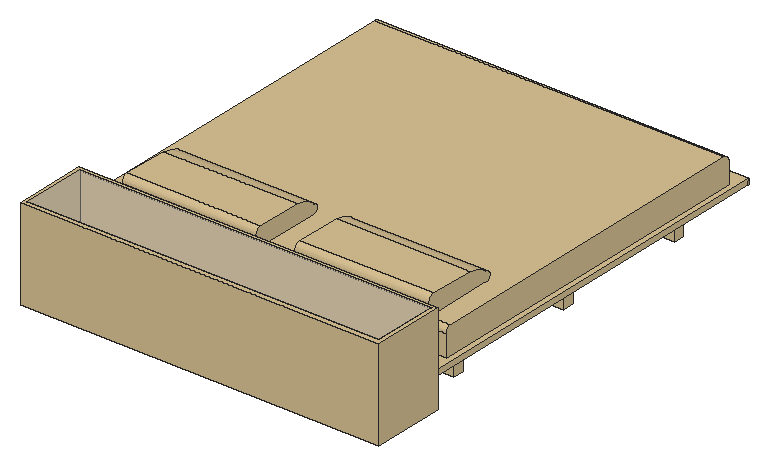
Revit family "letto_ivandesign_matrimoniale", category Arredi, Revit 2019
Family settings
  Basato su piano di lavoro = No
  Sempre verticale = Sì
  Taglio con vuoti quando caricato = No
  Condiviso = No
  Punto di calcolo locali = No
Parameters (values of type "200 x 210 cm")
  Larghezza = 2000 mm
  Manufacturer = ""
  Materiale Materasso [instance] = none
  Materiale Letto = none
  Materiale gamba = none
Reference planes
  plane 1: z = 0
  plane 2 "Centro (Sinistra/Destra)": x = 0
Forms (mm)
  Extrusion 1, solid, material <- "Materiale Materasso"
    sketch origin (0, 0, -140) x (0, 1, 0) y (0, 0, 1)
      loop
        line (126.906, 340) -> (2046.705, 340) -> (2046.705, 460)
        arc (2046.705, 460) -> (2037.918, 481.213) -> (2016.705, 490) r 30
        line (2016.705, 490) -> (156.906, 490)
        arc (156.906, 490) -> (135.693, 481.213) -> (126.906, 460) r 30
        line (126.906, 460) -> (126.906, 340)
    from -950 to 950
  Extrusion 2, solid, material <- "Materiale Materasso", detail levels medium+fine
    sketch origin (0, 0, -140) x (0, 1, 0) y (0, 0, 1)
      loop
        arc (176.972, 595.405) -> (152.207, 581.89) -> (145.481, 554.49) r 34.967
        line (145.481, 554.49) -> (155.975, 494.975) -> (527.829, 494.975)
        arc (527.829, 494.975) -> (555.887, 509.364) -> (548.56, 540.034) r 25.527
        arc (548.56, 540.034) -> (491.979, 573.485) -> (428.47, 590.421) r 241.236
        arc (428.47, 590.421) -> (302.851, 599.467) -> (176.972, 595.405) r 1209.94
    from 110.553 to 839.838
  Extrusion 3, solid, material <- "Materiale Materasso", detail levels medium+fine
    sketch origin (-940, 0, -140) x (0, 1, 0) y (0, 0, 1)
      loop
        arc (176.972, 595.405) -> (152.207, 581.89) -> (145.481, 554.49) r 34.967
        line (145.481, 554.49) -> (155.975, 494.975) -> (527.829, 494.975)
        arc (527.829, 494.975) -> (555.887, 509.364) -> (548.56, 540.034) r 25.527
        arc (548.56, 540.034) -> (491.979, 573.485) -> (428.47, 590.421) r 241.236
        arc (428.47, 590.421) -> (302.851, 599.467) -> (176.972, 595.405) r 1209.94
    from 110.553 to 839.838
  Extrusion 4, solid, material "Default - Arredi"
    sketch origin (21, 0, 0) x (1, 0, 0) y (0, 1, 0)
      loop
        arc (-995, 2146.906) -> (-998.536, 2145.441) -> (-1000, 2141.906) r 5
        line (-1000, 2141.906) -> (-1000, 35.613)
        arc (-1000, 35.613) -> (-998.536, 32.078) -> (-995, 30.613) r 5
        line (-995, 30.613) -> (-755, 30.613)
        arc (-755, 30.613) -> (-751.464, 32.078) -> (-750, 35.613) r 5
        line (-750, 35.613) -> (-750, 2141.906)
        arc (-750, 2141.906) -> (-751.464, 2145.441) -> (-755, 2146.906) r 5
        line (-755, 2146.906) -> (-995, 2146.906)
    from 170 to 200
  Extrusion 5, solid, material "Default - Arredi"
    sketch origin (306, 0, 0) x (1, 0, 0) y (0, 1, 0)
      loop
        arc (-995, 2146.906) -> (-998.536, 2145.441) -> (-1000, 2141.906) r 5
        line (-1000, 2141.906) -> (-1000, 35.613)
        arc (-1000, 35.613) -> (-998.536, 32.078) -> (-995, 30.613) r 5
        line (-995, 30.613) -> (-755, 30.613)
        arc (-755, 30.613) -> (-751.464, 32.078) -> (-750, 35.613) r 5
        line (-750, 35.613) -> (-750, 2141.906)
        arc (-750, 2141.906) -> (-751.464, 2145.441) -> (-755, 2146.906) r 5
        line (-755, 2146.906) -> (-995, 2146.906)
    from 170 to 200
  Extrusion 6, solid, material "Default - Arredi"
    sketch origin (590.992, 0, 0) x (1, 0, 0) y (0, 1, 0)
      loop
        arc (-995, 2146.906) -> (-998.536, 2145.441) -> (-1000, 2141.906) r 5
        line (-1000, 2141.906) -> (-1000, 35.613)
        arc (-1000, 35.613) -> (-998.536, 32.078) -> (-995, 30.613) r 5
        line (-995, 30.613) -> (-755, 30.613)
        arc (-755, 30.613) -> (-751.464, 32.078) -> (-750, 35.613) r 5
        line (-750, 35.613) -> (-750, 2141.906)
        arc (-750, 2141.906) -> (-751.464, 2145.441) -> (-755, 2146.906) r 5
        line (-755, 2146.906) -> (-995, 2146.906)
    from 170 to 200
  Extrusion 7, solid, material "Default - Arredi"
    sketch origin (875.992, 0, 0) x (1, 0, 0) y (0, 1, 0)
      loop
        arc (-995, 2146.906) -> (-998.536, 2145.441) -> (-1000, 2141.906) r 5
        line (-1000, 2141.906) -> (-1000, 35.613)
        arc (-1000, 35.613) -> (-998.536, 32.078) -> (-995, 30.613) r 5
        line (-995, 30.613) -> (-755, 30.613)
        arc (-755, 30.613) -> (-751.464, 32.078) -> (-750, 35.613) r 5
        line (-750, 35.613) -> (-750, 2141.906)
        arc (-750, 2141.906) -> (-751.464, 2145.441) -> (-755, 2146.906) r 5
        line (-755, 2146.906) -> (-995, 2146.906)
    from 170 to 200
  Extrusion 8, solid, material "Default - Arredi"
    sketch origin (1160.992, 0, 0) x (1, 0, 0) y (0, 1, 0)
      loop
        arc (-995, 2146.906) -> (-998.536, 2145.441) -> (-1000, 2141.906) r 5
        line (-1000, 2141.906) -> (-1000, 35.613)
        arc (-1000, 35.613) -> (-998.536, 32.078) -> (-995, 30.613) r 5
        line (-995, 30.613) -> (-755, 30.613)
        arc (-755, 30.613) -> (-751.464, 32.078) -> (-750, 35.613) r 5
        line (-750, 35.613) -> (-750, 2141.906)
        arc (-750, 2141.906) -> (-751.464, 2145.441) -> (-755, 2146.906) r 5
        line (-755, 2146.906) -> (-995, 2146.906)
    from 170 to 200
  Extrusion 9, solid, material "Default - Arredi"
    sketch origin (1445.983, 0, 0) x (1, 0, 0) y (0, 1, 0)
      loop
        arc (-995, 2146.906) -> (-998.536, 2145.441) -> (-1000, 2141.906) r 5
        line (-1000, 2141.906) -> (-1000, 35.613)
        arc (-1000, 35.613) -> (-998.536, 32.078) -> (-995, 30.613) r 5
        line (-995, 30.613) -> (-755, 30.613)
        arc (-755, 30.613) -> (-751.464, 32.078) -> (-750, 35.613) r 5
        line (-750, 35.613) -> (-750, 2141.906)
        arc (-750, 2141.906) -> (-751.464, 2145.441) -> (-755, 2146.906) r 5
        line (-755, 2146.906) -> (-995, 2146.906)
    from 170 to 200
  Extrusion 10, solid, material "Default - Arredi"
    sketch origin (1730.983, -0.183, 0) x (1, 0, 0) y (0, 1, 0)
      loop
        arc (-995, 2146.906) -> (-998.536, 2145.441) -> (-1000, 2141.906) r 5
        line (-1000, 2141.906) -> (-1000, 35.613)
        arc (-1000, 35.613) -> (-998.536, 32.078) -> (-995, 30.613) r 5
        line (-995, 30.613) -> (-755, 30.613)
        arc (-755, 30.613) -> (-751.464, 32.078) -> (-750, 35.613) r 5
        line (-750, 35.613) -> (-750, 2141.906)
        arc (-750, 2141.906) -> (-751.464, 2145.441) -> (-755, 2146.906) r 5
        line (-755, 2146.906) -> (-995, 2146.906)
    from 170 to 200
  Extrusion 11, solid
    sketch origin (0, 0, 0) x (1, 0, 0) y (0, 1, 0)
      loop
        line (-854, 1856.705) -> (-854, 1796.705) -> (855.983, 1796.705) -> (855.983, 1856.705) -> (-854, 1856.705)
      loop
        line (-854, 1106.705) -> (-854, 1046.705) -> (855.983, 1046.705) -> (855.983, 1106.705) -> (-854, 1106.705)
      loop
        line (-854, 356.705) -> (-854, 296.705) -> (855.983, 296.705) -> (855.983, 356.705) -> (-854, 356.705)
    from 0 to 170
  Extrusion 12, solid, material "Default - Arredi"
    sketch origin (0, 0, 0) x (1, 0, 0) y (0, 1, 0)
      loop
        line (-974, 30.613) -> (-974, -369.387) -> (981, -369.387) -> (981, 30.613) -> (-974, 30.613)
      loop
        line (-954, 10.613) -> (-954, -349.387) -> (961, -349.387) -> (961, 10.613) -> (-954, 10.613)
    from 0 to 500
  Extrusion 13, solid, material "Default - Vetro"
    sketch origin (0, 0, 0) x (1, 0, 0) y (0, 1, 0)
      loop
        line (-954, 10.613) -> (-954, -349.387) -> (961, -349.387) -> (961, 10.613) -> (-954, 10.613)
    from 495 to 500
Lines and regions (mm)
  symbolic lines
    curve 1: line (0, 236.705, 0) -> (0, 196.705, 0)
    curve 2: line (0, 1996.705, 0) -> (0, 1956.705, 0)
    curve 3: line (0, 156.906, 350) -> (0, 2016.705, 350)
    curve 4: arc (0, 2016.705, 350) -> (0, 2037.918, 341.213) -> (0, 2046.705, 320) r 30
    curve 5: line (0, 2046.705, 320) -> (0, 2046.705, 200)
    curve 6: arc (0, 126.906, 320) -> (0, 135.693, 341.213) -> (0, 156.906, 350) r 30
    curve 7: line (0, 126.906, 200) -> (0, 126.906, 320)
    curve 8: line (0, 155.975, 354.975) -> (0, 145.481, 414.49)
    curve 9: arc (0, 145.481, 414.49) -> (0, 152.207, 441.89) -> (0, 176.972, 455.405) r 34.967
    curve 10: arc (0, 176.972, 455.405) -> (0, 302.851, 459.467) -> (0, 428.47, 450.421) r 1209.94
    curve 11: arc (0, 428.47, 450.421) -> (0, 491.979, 433.485) -> (0, 548.56, 400.034) r 241.236
    curve 12: arc (0, 548.56, 400.034) -> (0, 555.887, 369.364) -> (0, 527.829, 354.975) r 25.527
    curve 13: line (0, 527.829, 354.975) -> (0, 155.975, 354.975)
    curve 14: line (834.745, 126.906, 0) -> (900, 126.906, 0)
    curve 15: arc (900, 126.906, 0) -> (935.355, 141.55, 0) -> (950, 176.906, 0) r 50
    curve 16: line (950, 176.906, 0) -> (950, 1996.705, 0)
    curve 17: arc (950, 1996.705, 0) -> (935.355, 2032.06, 0) -> (900, 2046.705, 0) r 50
    curve 18: line (900, 2046.705, 0) -> (-900, 2046.705, 0)
    curve 19: arc (-900, 2046.705, 0) -> (-935.355, 2032.06, 0) -> (-950, 1996.705, 0) r 50
    curve 20: line (-950, 1996.705, 0) -> (-950, 176.906, 0)
    curve 21: arc (-950, 176.906, 0) -> (-935.355, 141.55, 0) -> (-900, 126.906, 0) r 50
    curve 22: line (-900, 126.906, 0) -> (-805.847, 126.906, 0)
    curve 23: line (834.745, 126.906, 0) -> (0, 126.906, 0)
    curve 24: line (-829.447, 558.223, 0) -> (-100.162, 558.223, 0)
    curve 25: line (-829.447, 145.481, 0) -> (-829.447, 558.223, 0)
    curve 26: line (-100.162, 145.481, 0) -> (-829.447, 145.481, 0)
    curve 27: line (-100.162, 558.223, 0) -> (-100.162, 145.481, 0)
    curve 28: line (110.553, 558.223, 0) -> (839.838, 558.223, 0)
    curve 29: line (110.553, 145.481, 0) -> (110.553, 558.223, 0)
    curve 30: line (839.838, 145.481, 0) -> (110.553, 145.481, 0)
    curve 31: line (839.838, 558.223, 0) -> (839.838, 145.481, 0)
